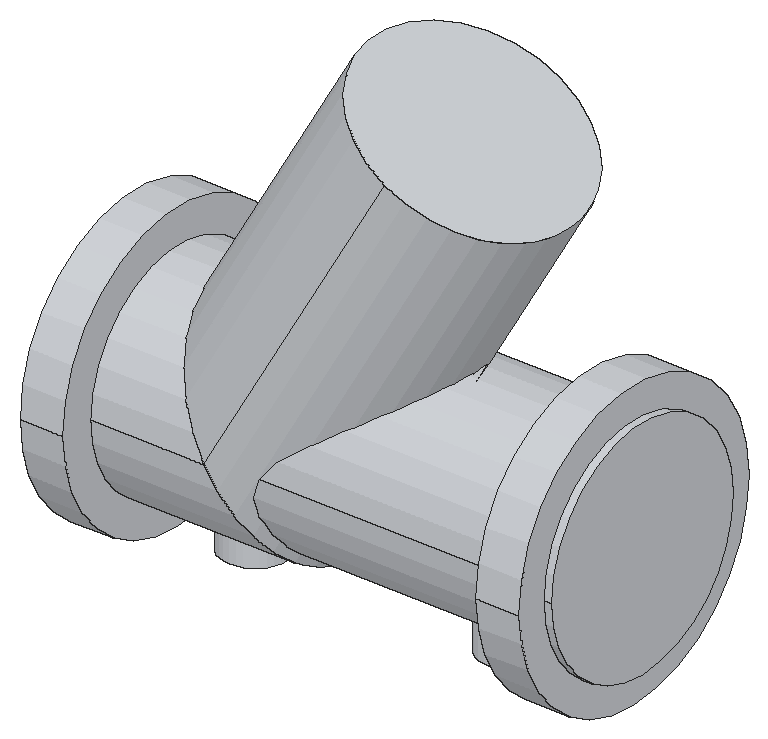
Revit family "HS 821-síto_jemné-PN16-DN250-RFA_2018", category Pipe Accessories, Revit 2018
Family settings
  Round Connector Dimension = Use Diameter
  Part Type = Breaks Into
  Work Plane-Based = No
  Always vertical = Yes
  Cut with Voids When Loaded = No
  Shared = No
Parameters (values of type "821A-DN250-PN16-síto_jemné")
  magiProductId = "05e37ed948c34047acdd4c42556504"
  magiProductFamilyId = "79214ac3aaa945e397802f559f5c1e"
  magiPartTypeId = 307
  isMeasuringValve [instance] = no
  ang2D [instance] = 0.00°
  ZB__ve = -ZB  # -62.75 mm
  ZB1 = 129.195 mm
  ZB = 62.75 mm
  X2 = 255.911 mm
  X1 = 102.2 mm
  W2D = 15 mm
  VersionID = "2.0/2017.9.26.1/ZETKAMA_821_001"
  Use Minimum Symbol Size [instance] = yes
  URL = "www.hydronix.cz"
  Type Comments = "Filtr přírubový; síto jemné; A-PN16 (-10~300°C); D-PN25 (-10~350°C); F-PN40 (-10~400°C)"
  S = 319 mm
  QmdConnectorList = "301;D;302;D"
  Productdata [instance] = ""
  Manufacturer = "Hydronix"
  MC Product Code = "210 194 (821A; DN250; PN16; kvs1229,4; oko síta 0,63mm)"
  LM1 = 58.4 mm
  LM = 584 mm
  L4 = 182.5 mm
  L2D_Min = 3048 mm
  L2D = 130 mm
  L2 = 365 mm
  HH2 = 443.25 mm
  FD = 405 mm
  Description = "Filtr přírubový; síto jemné; 821A-PN16; 821D-PN25; 821F-PN40"
  DM1 = 309.6 mm
  DM = 287.1 mm
  D = 250 mm
  CC = 12.41 mm
  CAT0 = yes
  C1 = 60.59 mm
  C = 73 mm
  BD = 90.436 mm
Types (40, lengths in mm): name | magiProductId | ZB__ve | ZB1 | ZB | X2 | X1 | S | MC Product Code | LM1 | LM | L4 | L2 | HH2 | FD | DM1 | DM | D | CC | C1 | C | BD
  821A-DN015-PN16-síto_jemné | "a71bcfe8b393460598b23e8ddf7dc5" | -16.25 | 18.63 | 16.25 | 46.982 | 18.2 | 46 | "210 115 (821A; DN015; PN16; kvs6,2; oko síta 0,63mm)" | 10.4 | 104 | 32.5 | 65 | 81.375 | 95 | 27.6 | 41.4 | 15 | 2.21 | 10.79 | 13 | 13.041
  821A-DN020-PN16-síto_jemné | "41cd6c7a12924f4991217528336076" | -17.75 | 22.68 | 17.75 | 51.673 | 21 | 56 | "210 120 (821A; DN020; PN16; kvs9,6; oko síta 0,63mm)" | 12 | 120 | 37.5 | 75 | 89.5 | 105 | 33.6 | 50.4 | 20 | 2.55 | 12.45 | 15 | 15.876
  821A-DN025-PN16-síto_jemné | "be378b463ed14c3abf4c9b3ae8cf3a" | -19.25 | 26.325 | 19.25 | 58.601 | 22.4 | 65 | "210 125 (821A; DN025; PN16; kvs14,2; oko síta 0,63mm)" | 12.8 | 128 | 40 | 80 | 101.5 | 115 | 43.2 | 58.5 | 25 | 2.72 | 13.28 | 16 | 18.427
  821A-DN032-PN16-síto_jemné | "227a0d18b21540afabe8b6067d35fa" | -23 | 30.78 | 23 | 68.849 | 25.2 | 76 | "210 132 (821A; DN032; PN16; kvs23,1; oko síta 0,63mm)" | 14.4 | 144 | 45 | 90 | 119.25 | 140 | 50.4 | 68.4 | 32 | 3.06 | 14.94 | 18 | 21.546
  821A-DN040-PN16-síto_jemné | "d106917c74724141a10440112d0102" | -24.5 | 34.02 | 24.5 | 75.777 | 28 | 84 | "210 140 (821A; DN040; PN16; kvs36,6; oko síta 0,63mm)" | 16 | 160 | 50 | 100 | 131.25 | 150 | 60 | 75.6 | 40 | 3.4 | 16.6 | 20 | 23.814
  821A-DN050-PN16-síto_jemné | "8255d456a09e4f6486734f5dd9171b" | -26.75 | 40.095 | 26.75 | 79.061 | 32.2 | 99 | "210 150 (821A; DN050 PN16; kvs53,7; oko síta 0,63mm)" | 18.4 | 184 | 57.5 | 115 | 136.938 | 165 | 73.8 | 89.1 | 50 | 3.91 | 19.09 | 23 | 28.066
  821A-DN065-PN16-síto_jemné | "235b1b3e4c0843779a4d5e3716d40a" | -29.75 | 47.79 | 29.75 | 86.927 | 40.6 | 118 | "210 165 (821A; DN065; PN16; kvs95,1; oko síta 0,63mm)" | 23.2 | 232 | 72.5 | 145 | 150.562 | 185 | 94.2 | 106.2 | 65 | 4.93 | 24.07 | 29 | 33.453
  821A-DN080-PN16-síto_jemné | "a067f7c5236348ed8c820d16df7214" | -32 | 53.46 | 32 | 104.753 | 43.4 | 132 | "210 180 (821A; DN080; PN16; kvs137,1; oko síta 0,63mm)" | 24.8 | 248 | 77.5 | 155 | 181.438 | 200 | 107.4 | 118.8 | 80 | 5.27 | 25.73 | 31 | 37.422
  821A-DN100-PN16-síto_jemné | "c49a648c2747461285837d643703cd" | -35 | 63.18 | 35 | 114.857 | 49 | 156 | "210 190 (821A; DN100; PN16; kvs206,4; oko síta 0,63mm)" | 28 | 280 | 87.5 | 175 | 198.937 | 220 | 131.4 | 140.4 | 100 | 5.95 | 29.05 | 35 | 44.226
  821A-DN125-PN16-síto_jemné | "bf68e728a163493cbd2a663b26ebdc" | -39.5 | 74.52 | 39.5 | 131.888 | 56 | 184 | "210 191 (821A; DN125; PN16; kvs268,8; oko síta 0,63mm)" | 32 | 320 | 100 | 200 | 228.438 | 250 | 165 | 165.6 | 125 | 6.8 | 33.2 | 40 | 52.164
  821A-DN150-PN16-síto_jemné | "2de770284b654863ae6bc865769dc5" | -44.75 | 85.455 | 44.75 | 155.885 | 67.2 | 211 | "210 192 (821A; DN150; PN16; kvs401,4; oko síta 0,63mm)" | 38.4 | 384 | 120 | 240 | 270 | 285 | 192 | 189.9 | 150 | 8.16 | 39.84 | 48 | 59.818
  821A-DN200-PN16-síto_jemné | "8e5693371ab64aabb29a7f08c76e15" | -53 | 107.73 | 53 | 188.361 | 84 | 266 | "210 193 (821A; DN200; PN16; kvs706,7; oko síta 0,63mm)" | 48 | 480 | 150 | 300 | 326.25 | 340 | 252 | 239.4 | 200 | 10.2 | 49.8 | 60 | 75.411
  821A-DN250-PN16-síto_jemné | "05e37ed948c34047acdd4c42556504" | -62.75 | 129.195 | 62.75 | 255.911 | 102.2 | 319 | "210 194 (821A; DN250; PN16; kvs1229,4; oko síta 0,63mm)" | 58.4 | 584 | 182.5 | 365 | 443.25 | 405 | 309.6 | 287.1 | 250 | 12.41 | 60.59 | 73 | 90.436
  821A-DN300-PN16-síto_jemné | "9ad0af747269428da925480d83ce80" | -71 | 149.85 | 71 | 325.914 | 119 | 370 | "210 195 (821A; DN300; PN16; kvs1902,4; oko síta 0,63mm)" | 68 | 680 | 212.5 | 425 | 564.5 | 460 | 369.6 | 333 | 300 | 14.45 | 70.55 | 85 | 104.895
  821A-DN350-PN16-síto_jemné | "eebc71459bb3451bb4355e7951370a" | -80 | 173.745 | 80 | 356.875 | 137.2 | 429 | "200 196 (821A; DN350; PN16; kvs2611,0; oko síta 0,63mm)" | 78.4 | 784 | 245 | 490 | 618.125 | 520 | 438 | 386.1 | 350 | 16.66 | 81.34 | 98 | 121.621
  821A-DN400-PN16-síto_jemné | "d2f677cb196647e385b2590e7d8abe" | -89 | 194.4 | 89 | 392.237 | 154 | 480 | "210 197 (821A; DN400; PN16; kvs3438,4; oko síta 0,63mm)" | 88 | 880 | 275 | 550 | 679.375 | 580 | 498 | 432 | 400 | 18.7 | 91.3 | 110 | 136.08
  821D-DN015-PN25-síto_jemné | "27ddcbf555414f8ca1fde329bf9087" | -16.25 | 18.63 | 16.25 | 46.982 | 18.2 | 46 | "210 215 (821D; DN015; PN25; kvs6,2; oko síta 0,63mm)" | 10.4 | 104 | 32.5 | 65 | 81.375 | 95 | 27.6 | 41.4 | 15 | 2.21 | 10.79 | 13 | 13.041
  821D-DN020-PN25-síto_jemné | "270e0f14012f47189cd0235c18faee" | -17.75 | 22.68 | 17.75 | 51.673 | 21 | 56 | "210 220 (821D; DN020; PN25; kvs9,6; oko síta 0,63mm)" | 12 | 120 | 37.5 | 75 | 89.5 | 105 | 33.6 | 50.4 | 20 | 2.55 | 12.45 | 15 | 15.876
  821D-DN025-PN25-síto_jemné | "b9a7fb4aa36643878c637d8e1ab992" | -19.25 | 26.325 | 19.25 | 58.601 | 22.4 | 65 | "210 225 (821D; DN025; PN25; kvs14,2; oko síta 0,63mm)" | 12.8 | 128 | 40 | 80 | 101.5 | 115 | 43.2 | 58.5 | 25 | 2.72 | 13.28 | 16 | 18.427
  821D-DN032-PN25-síto_jemné | "6be9a55c4e68400f94eec7e804204c" | -23 | 30.78 | 23 | 68.849 | 25.2 | 76 | "210 232 (821D; DN032; PN25; kvs23,1; oko síta 0,63mm)" | 14.4 | 144 | 45 | 90 | 119.25 | 140 | 50.4 | 68.4 | 32 | 3.06 | 14.94 | 18 | 21.546
  821D-DN040-PN25-síto_jemné | "c54511bd7f584ec2984291479612cb" | -24.5 | 34.02 | 24.5 | 75.777 | 28 | 84 | "210 240 (821D; DN040; PN25; kvs36,6; oko síta 0,63mm)" | 16 | 160 | 50 | 100 | 131.25 | 150 | 60 | 75.6 | 40 | 3.4 | 16.6 | 20 | 23.814
  821D-DN050-PN25-síto_jemné | "5483b1f596b04cd39b23a14a22c90e" | -26.75 | 40.095 | 26.75 | 79.061 | 32.2 | 99 | "210 250 (821D; DN050; PN25; kvs53,7; oko síta 0,63mm)" | 18.4 | 184 | 57.5 | 115 | 136.938 | 165 | 73.8 | 89.1 | 50 | 3.91 | 19.09 | 23 | 28.066
  821D-DN065-PN25-síto_jemné | "767b0f8318e94750bc7a9930ed5b30" | -29.75 | 47.79 | 29.75 | 86.927 | 40.6 | 118 | "210 265 (821D; DN065; PN25; kvs95,1; oko síta 0,63mm)" | 23.2 | 232 | 72.5 | 145 | 150.562 | 185 | 94.2 | 106.2 | 65 | 4.93 | 24.07 | 29 | 33.453
  821D-DN080-PN25-síto_jemné | "e21040fa3cc2404b858198f6b73709" | -32 | 53.46 | 32 | 104.753 | 43.4 | 132 | "210 280 (821D; DN080; PN25; kvs137,1; oko síta 0,63mm)" | 24.8 | 248 | 77.5 | 155 | 181.438 | 200 | 107.4 | 118.8 | 80 | 5.27 | 25.73 | 31 | 37.422
  821D-DN100-PN25-síto_jemné | "175ca87a506b40b3bc6b82f12f33cf" | -37.25 | 63.18 | 37.25 | 114.857 | 49 | 156 | "210 290 (821D; DN100; PN25; kvs206,4; oko síta 0,63mm)" | 28 | 280 | 87.5 | 175 | 198.937 | 235 | 131.4 | 140.4 | 100 | 5.95 | 29.05 | 35 | 44.226
  821D-DN125-PN25-síto_jemné | "77cc98d60da24855999a22dff726b2" | -42.5 | 74.52 | 42.5 | 131.888 | 56 | 184 | "210 291 (821D; DN125; PN25; kvs268,8; oko síta 0,63mm)" | 32 | 320 | 100 | 200 | 228.438 | 270 | 165 | 165.6 | 125 | 6.8 | 33.2 | 40 | 52.164
  821D-DN150-PN25-síto_jemné | "9cf8acfcd15547d68e83172d3abcbe" | -47 | 85.455 | 47 | 155.885 | 67.2 | 211 | "210 292 (821D; DN150; PN25; kvs401,4; oko síta 0,63mm)" | 38.4 | 384 | 120 | 240 | 270 | 300 | 192 | 189.9 | 150 | 8.16 | 39.84 | 48 | 59.818
  821D-DN200-PN25-síto_jemné | "16973f3c9ea14389ba8602495a6b64" | -56 | 110.97 | 56 | 188.361 | 84 | 274 | "210 293 (821D; DN200; PN25; kvs706,7; oko síta 0,63mm)" | 48 | 480 | 150 | 300 | 326.25 | 360 | 252 | 246.6 | 200 | 10.2 | 49.8 | 60 | 77.679
  821F-DN015-PN40-síto_jemné | "4c7eaf3c4c0340888b3e684d8a8616" | -16.25 | 18.225 | 16.25 | 46.982 | 18.2 | 45 | "250 615 (821F; DN015; PN40; kvs6,2; oko síta 0,63mm)" | 10.4 | 104 | 32.5 | 65 | 81.375 | 95 | 27.6 | 40.5 | 15 | 2.21 | 10.79 | 13 | 12.757
  821F-DN020-PN40-síto_jemné | "aaac5f1ec96b44d6ba96ac2293d66d" | -17.75 | 23.49 | 17.75 | 51.673 | 21 | 58 | "250 620 (821F; DN020; PN40; kvs9,6; oko síta 0,63mm)" | 12 | 120 | 37.5 | 75 | 89.5 | 105 | 33.6 | 52.2 | 20 | 2.55 | 12.45 | 15 | 16.443
  821F-DN025-PN40-síto_jemné | "504768023968471481789485b54c7e" | -19.25 | 27.54 | 19.25 | 58.601 | 22.4 | 68 | "250 625 (821F; DN025; PN40; kvs14,2; oko síta 0,63mm)" | 12.8 | 128 | 40 | 80 | 101.5 | 115 | 43.2 | 61.2 | 25 | 2.72 | 13.28 | 16 | 19.278
  821F-DN032-PN40-síto_jemné | "165e7f39cf744f329bdf1c400dad12" | -23 | 31.59 | 23 | 68.849 | 25.2 | 78 | "250 632 (821F; DN032; PN40; kvs23,1; oko síta 0,63mm)" | 14.4 | 144 | 45 | 90 | 119.25 | 140 | 50.4 | 70.2 | 32 | 3.06 | 14.94 | 18 | 22.113
  821F-DN040-PN40-síto_jemné | "b8903f952089408fbf3a5a632bab1f" | -24.5 | 35.64 | 24.5 | 75.777 | 28 | 88 | "250 640 (821F; DN040; PN40; kvs36,6; oko síta 0,63mm)" | 16 | 160 | 50 | 100 | 131.25 | 150 | 60 | 79.2 | 40 | 3.4 | 16.6 | 20 | 24.948
  821F-DN050-PN40-síto_jemné | "c451f97266fe48da8f879cb6a2bd44" | -26.75 | 41.31 | 26.75 | 79.061 | 32.2 | 102 | "250 650 (821F; DN050; PN40; kvs53,7; oko síta 0,63mm)" | 18.4 | 184 | 57.5 | 115 | 136.938 | 165 | 73.8 | 91.8 | 50 | 3.91 | 19.09 | 23 | 28.917
  821F-DN065-PN40-síto_jemné | "dc9821e3f9b34e128f6a8c6b34c198" | -29.75 | 49.41 | 29.75 | 86.927 | 40.6 | 122 | "250 665 (821F; DN065; PN40; kvs95,1; oko síta 0,63mm)" | 23.2 | 232 | 72.5 | 145 | 150.562 | 185 | 94.2 | 109.8 | 65 | 4.93 | 24.07 | 29 | 34.587
  821F-DN080-PN40-síto_jemné | "689aa1e260f84cf4994f027a1d86b5" | -32 | 55.89 | 32 | 104.753 | 43.4 | 138 | "250 680 (821F; DN080; PN40; kvs137,1; oko síta 0,63mm)" | 24.8 | 248 | 77.5 | 155 | 181.438 | 200 | 107.4 | 124.2 | 80 | 5.27 | 25.73 | 31 | 39.123
  821F-DN100-PN40-síto_jemné | "8a45d4e8e2ab425f8c432f21d684f3" | -37.25 | 65.61 | 37.25 | 114.857 | 49 | 162 | "250 690 (821F; DN100; PN40; kvs206,4; oko síta 0,63mm)" | 28 | 280 | 87.5 | 175 | 198.937 | 235 | 131.4 | 145.8 | 100 | 5.95 | 29.05 | 35 | 45.927
  821F-DN125-PN40-síto_jemné | "cf073904c006406b8645afa67ea2fc" | -42.5 | 76.14 | 42.5 | 131.888 | 56 | 188 | "250 691 (821F; DN125; PN40; kvs268,8; oko síta 0,63mm)" | 32 | 320 | 100 | 200 | 228.438 | 270 | 165 | 169.2 | 125 | 6.8 | 33.2 | 40 | 53.298
  821F-DN150-PN40-síto_jemné | "0153b9ddabe14992a630484929fdbc" | -47 | 88.29 | 47 | 155.885 | 67.2 | 218 | "250 692 (821F; DN150; PN40; kvs401,4; oko síta 0,63mm)" | 38.4 | 384 | 120 | 240 | 270 | 300 | 192 | 196.2 | 150 | 8.16 | 39.84 | 48 | 61.803
  821F-DN200-PN40-síto_jemné | "7fb3fc01dd8d42428c203e3f8dd4d5" | -56 | 115.425 | 56 | 188.361 | 84 | 285 | "250 693 (821F; DN200; PN40; kvs706,7; oko síta 0,63mm)" | 48 | 480 | 150 | 300 | 326.25 | 360 | 252 | 256.5 | 200 | 10.2 | 49.8 | 60 | 80.797
Reference planes
  plane 1 "Center (Front/Back)": y = 0
  plane 2 "XYPLANE": z = 0
  plane 3 "Center (Left/Right)": x = 0
  plane 4 "109": x = -233.6
  plane 5 "108": x = 292
  plane 6 "107": x = -292
  plane 7 "105": x = 365
  plane 8 "104": x = -365
  plane 9 "103": y = 0
  plane 10 "102": z = 0
  plane 11 "101": x = -352.59
  plane 12 "100": x = 352.59
  plane 13 "11": x = -131.4
  plane 14 "10": z = 443.25
  plane 15 "9": x = 124.511
  plane 16 "5": z = -129.195
  plane 17 "4": x = -182.5
  plane 18 "1": x = 182.5
Forms (mm)
  Extrusion 1, solid, visible <- "CAT0"
    sketch origin (-292, -750, 0) x (0, 1, 0) y (0, 0, 1)
      loop
        circle (750, 0) r 143.55
    from 0 to 584 <- "LM"
  Extrusion 2, solid
    sketch origin (-365, -750, 0) x (0, 1, 0) y (0, 0, 1)
      loop
        circle (750, 0) r 159.5
    from 0 to 12.41 <- "CC"
  Extrusion 3, solid
    sketch origin (-352.59, -750, 0) x (0, 1, 0) y (0, 0, 1)
      loop
        circle (750, 0) r 202.5
    from 0 to 60.59 <- "C1"
  Extrusion 4, solid
    sketch origin (292, -750, 0) x (0, 1, 0) y (0, 0, 1)
      loop
        circle (750, 0) r 202.5
    from 0 to 60.59 <- "C1"
  Extrusion 5, solid
    sketch origin (352.59, -750, 0) x (0, 1, 0) y (0, 0, 1)
      loop
        circle (750, 0) r 159.5
    from 0 to 12.41 <- "CC"
  Sweep 6, solid, visible <- "CAT0"
    path origin (750, 0, 0) x (-1, 0, 0) y (0, 0, 1)
      loop
        line (1042, 0) -> (881.4, 0) -> (625.489, 443.25)
    profile origin (-292, 0, 0) x (0, 0, -1) y (0, 1, 0)
      loop
        circle (0, 0) r 154.8
  Extrusion 7, solid, visible <- "CAT0"
    sketch origin (-750, 0, -129.195) x (1, 0, 0) y (0, 1, 0)
      loop
        circle (567.5, 0) r 45.218
    from 0 to -62.75 <- "ZB__ve"
  Extrusion 8, solid, visible <- "CAT0"
    sketch origin (-750, 0, -129.195) x (1, 0, 0) y (0, 1, 0)
      loop
        circle (932.5, 0) r 45.218
    from 0 to -62.75 <- "ZB__ve"
  Extrusion 9, solid, not visible
    sketch origin (365, -750, 0) x (0, 1, 0) y (0, 0, 1)
      loop
        circle (750, 0) r 10
    from 0 to -10
  Extrusion 10, solid, not visible
    sketch origin (-365, -750, 0) x (0, 1, 0) y (0, 0, 1)
      loop
        circle (750, 0) r 10
    from 0 to 10
Lines and regions (mm)
  reference lines, not visible
    curve 1: circle (2, 2, 0) r 1 normal (0, 0, 1)
Dimensions and locks
  plane 1 "Center (Front/Back)" to curve 1 = 2 mm
  "LM1": plane 6 "107" to plane 4 "109"
  "LM": plane 6 "107" to plane 5 "108"
  "C": plane 8 "104" to plane 6 "107"
  "L2": plane 3 "Center (Left/Right)" to plane 7 "105"
  "L2": plane 3 "Center (Left/Right)" to plane 8 "104"
  locked: plane 1 "Center (Front/Back)" to plane 9 "103"
  locked: plane 2 "XYPLANE" to plane 10 "102"
  "CC": plane 8 "104" to plane 11 "101"
  "C1": plane 5 "108" to plane 12 "100"
  "X1": plane 4 "109" to plane 13 "11"
  "HH2": plane 2 "XYPLANE" to plane 14 "10"
  "X2": plane 13 "11" to plane 15 "9"
  "ZB1": plane 2 "XYPLANE" to plane 16 "5"
  "L4": plane 8 "104" to plane 17 "4"
  "L2": plane 17 "4" to plane 18 "1"
  Sweep 6 sketch curve to Sweep 6 sketch curve = 0 mm  (x2)
  "DM": diameter of Extrusion 1 sketch curve
  "S": diameter of Extrusion 2 sketch curve
  "FD": diameter of Extrusion 3 sketch curve
  "FD": diameter of Extrusion 4 sketch curve
  "S": diameter of Extrusion 5 sketch curve
  "DM1": diameter of Sweep 6 sketch curve
  "BD": diameter of Extrusion 7 sketch curve
  "BD": diameter of Extrusion 8 sketch curve
  aligned and locked: level to plane 2 "XYPLANE"
  aligned and locked: Extrusion 1 sketch curve to plane 9 "103"
  aligned and locked: plane 10 "102" to Extrusion 1 sketch curve
  aligned and locked: Extrusion 2 sketch curve to plane 9 "103"
  aligned and locked: plane 10 "102" to Extrusion 2 sketch curve
  aligned and locked: Extrusion 3 sketch curve to plane 9 "103"
  aligned and locked: plane 10 "102" to Extrusion 3 sketch curve
  aligned and locked: Extrusion 4 sketch curve to plane 9 "103"
  aligned and locked: plane 10 "102" to Extrusion 4 sketch curve
  aligned and locked: Extrusion 5 sketch curve to plane 9 "103"
  aligned and locked: plane 10 "102" to Extrusion 5 sketch curve
  aligned and locked: Sweep 6 sketch curve to plane 9 "103"
  aligned and locked: plane 10 "102" to Sweep 6 sketch curve  (x3)
  aligned and locked: plane 6 "107" to Sweep 6 sketch curve
  aligned and locked: plane 13 "11" to Sweep 6 sketch curve
  aligned and locked: plane 14 "10" to Sweep 6 sketch curve
  aligned and locked: plane 15 "9" to Sweep 6 sketch curve
  aligned and locked: plane 9 "103" to Extrusion 7 sketch curve
  aligned and locked: plane 17 "4" to Extrusion 7 sketch curve
  aligned and locked: plane 9 "103" to Extrusion 8 sketch curve
  aligned and locked: plane 18 "1" to Extrusion 8 sketch curve
  aligned and locked: Extrusion 9 sketch curve to plane 9 "103"
  aligned and locked: plane 10 "102" to Extrusion 9 sketch curve
  aligned and locked: Extrusion 10 sketch curve to plane 9 "103"
  aligned and locked: plane 10 "102" to Extrusion 10 sketch curve
Automatic sketch dimensions
  plane 1 "Center (Front/Back)" to Extrusion 9 sketch curve = 10 mm
  plane 1 "Center (Front/Back)" to Extrusion 10 sketch curve = 10 mm
  plane 3 "Center (Left/Right)" to curve 1 = 2 mm
  radius of curve 1 = 1 mm
Connectors
  piping at (-365, 0, 0), diameter 250, driven by "D"
    settings: on Extrusion 10, index 1, connector inside diameter 609.6 mm, connector length 0 mm, flow factor 0, pipe flow 0.0 L/s, pressure drop 0.0 Pa, fitting loss kfactor 0, connector angle 0.00°, fixture units 0, engagement length 0 mm, angle of deflection 0.00°, flow configuration 0, flow direction 0, fitting loss method 0, system type 29, joint type 0, gender type 0, connector reference index 2, connector utility 0, adjustable connector no, is connector primary yes, connector description ""
  piping at (365, 0, 0), diameter 250, driven by "D"
    settings: on Extrusion 9, index 2, connector inside diameter 609.6 mm, connector length 0 mm, flow factor 0, pipe flow 0.0 L/s, pressure drop 0.0 Pa, fitting loss kfactor 0, connector angle 0.00°, fixture units 0, engagement length 0 mm, angle of deflection 0.00°, flow configuration 0, flow direction 0, fitting loss method 0, system type 29, joint type 0, gender type 0, connector reference index 1, connector utility 0, adjustable connector no, is connector primary no, connector description ""
